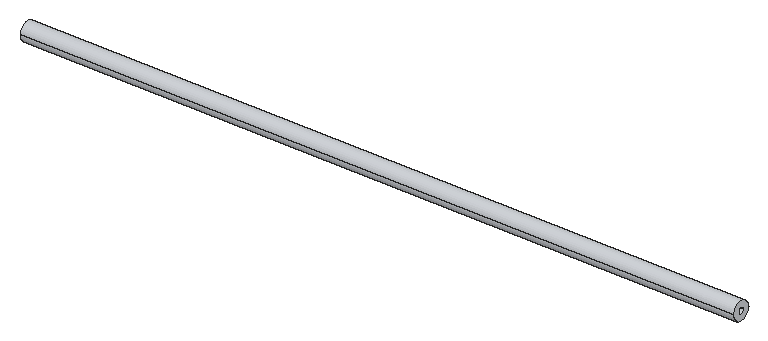
Revit family "HIGHLIGHT NEON 360_NDFR25", category Luminarias, Revit 2019
Family settings
  Cota de conector redondo = Diámetro de uso
  Tipo de pieza = Normal
  Se basa en plano de trabajo = Sí
  Siempre vertical = No
  Corte con vacíos al cargar = No
  Origen de luz = Sí
  Compartido = No
  Punto de cálculo de habitación = No
Parameters (values of type "NEON 360_NDFR25.N.1")
  Zone [instance] = ""
  Watt per fixture [instance] = (Longitud / 1000 mm) * (16)  # 16
  Wattage = 16 W
  built-in parameter 1150107 = 4000 (stored number, unit not read)
  Light Source Symbol Size = 609.6 mm
  built-in parameter 1150110 = 1 (stored number, unit not read)
  built-in parameter 1150109 = 1 (stored number, unit not read)
  built-in parameter 1150112 = 1 (stored number, unit not read)
  built-in parameter 1150113 = 1 (stored number, unit not read)
  built-in parameter 1114218 = 1 (stored number, unit not read)
  built-in parameter 1150137 = (empty or 0)
  built-in parameter 1150132 = (empty or 0)
  Modelo Lampara = "2835 SMD"
  Modelo = "NDFR25.N.1"
  Marca = "BRILLANT"
  Longitud de línea de emisión = 600 mm
  Longitud [instance] = 1000 mm
  built-in parameter 1150105 = 84.034 (stored number, unit not read)
  built-in parameter 1150102 = (empty or 0)
  built-in parameter 1150106 = 0.84034 (stored number, unit not read)
  Lumens = 1056 lm
  Color Filter = 16777215
  built-in parameter 1114217 = 1 (stored number, unit not read)
  built-in parameter 1150139 = (empty or 0)
  Fabricante = "BRILLANT"
  Default Elevation = 0 mm
  built-in parameter 1150104 = 6.1316 (stored number, unit not read)
  Descripción = "MANGUERA LUMINOSA NEON 360 CON RECUBRIMIENTO DE PLASTICO FLEXIBLE CON UNA POTENCIA DE 16W/M, USO PARA EXTERIORES IP65, IRC 80, IK 08, TEMPERATURA EN BLANCO FRIO 4000K, 950 LUMENES/M, PRESENTACION DE 5M, CORTE 4.16CM, ALIMENTADO A 24V, REQUIERE ACCESORIOS."
  built-in parameter 1150115 = 1 (stored number, unit not read)
  built-in parameter 1150114 = 1 (stored number, unit not read)
  Costo USD_NDFX35 [instance] = (Longitud / 1000 mm) * (89)  # 89
  Comentarios de vataje = "24V"
  built-in parameter 1150138 = (empty or 0)
  built-in parameter 1150134 = 12
  Circuit [instance] = ""
  Dimming Lamp Color Temperature Shift = (empty or 0)
  built-in parameter 1150133 = 10 (stored number, unit not read)
Types (3, lengths in mm): name | built-in parameter 1150107 | Modelo | built-in parameter 1150105 | built-in parameter 1150106 | Lumens | built-in parameter 1150104 | Descripción | built-in parameter 1150134
  NEON 360_NDFR25.U.1 | 2700 (stored number, unit not read) | "NDFR25.U.1" | 78.941 (stored number, unit not read) | 0.78941 (stored number, unit not read) | 992 lm | 5.76 (stored number, unit not read) | "MANGUERA LUMINOSA NEON 360 CON RECUBRIMIENTO DE PLASTICO FLEXIBLE CON UNA POTENCIA DE 16W/M, USO PARA EXTERIORES IP65, IRC 80, IK 08, TEMPERATURA EN BLANCO ULTRA CALIDO 2700K, 900 LUMENES/M, PRESENTACION DE 5M, CORTE 4.16CM, ALIMENTADO A 24V, REQUIERE ACCESORIOS." | (empty or 0)
  NEON 360_NDFR25.W.1 | 3000 (stored number, unit not read) | "NDFR25.W.1" | 84.034 (stored number, unit not read) | 0.84034 (stored number, unit not read) | 1056 lm | 6.1316 (stored number, unit not read) | "MANGUERA LUMINOSA NEON 360 CON RECUBRIMIENTO DE PLASTICO FLEXIBLE CON UNA POTENCIA DE 16W/M, USO PARA EXTERIORES IP65, IRC 80, IK 08, TEMPERATURA EN BLANCO CALIDO 3000K, 950 LUMENES/M, PRESENTACION DE 5M, CORTE 4.16CM, ALIMENTADO A 24V, REQUIERE ACCESORIOS." | (empty or 0)
  NEON 360_NDFR25.N.1 | 4000 (stored number, unit not read) | "NDFR25.N.1" | 84.034 (stored number, unit not read) | 0.84034 (stored number, unit not read) | 1056 lm | 6.1316 (stored number, unit not read) | "MANGUERA LUMINOSA NEON 360 CON RECUBRIMIENTO DE PLASTICO FLEXIBLE CON UNA POTENCIA DE 16W/M, USO PARA EXTERIORES IP65, IRC 80, IK 08, TEMPERATURA EN BLANCO FRIO 4000K, 950 LUMENES/M, PRESENTACION DE 5M, CORTE 4.16CM, ALIMENTADO A 24V, REQUIERE ACCESORIOS." | 12
Reference planes
  plane 1 "Centro (Frontal/Posterior)": y = 0
  plane 2: z = 0
  plane 3 "Centro (Izquierda/Derecha)": x = 0
  plane 4 "IZQ": x = -1000
  plane 5: x = 0
Forms (mm)
  Extrusion 1, solid
    sketch origin (0, 0, 0) x (0, 1, 0) y (0, 0, 1)
      loop
        circle (0, 0) r 12.5
      loop
        circle (0, 0) r 5
    from -1000 to 0
Dimensions and locks
  "Longitud": plane 4 "IZQ" to plane 3 "Centro (Izquierda/Derecha)"
  aligned and locked: level to plane 2
  aligned and locked: plane 4 "IZQ" to Extrusion 1
  aligned and locked: plane 3 "Centro (Izquierda/Derecha)" to Extrusion 1
Automatic sketch dimensions
  Extrusion 1 sketch curve to Extrusion 1 sketch curve = 0 mm  (x2)
  Extrusion 1 sketch curve to level = 0 mm
  Extrusion 1 sketch curve to plane 1 "Centro (Frontal/Posterior)" = 0 mm
  radius of Extrusion 1 sketch curve = 12.5 mm
  radius of Extrusion 1 sketch curve = 5 mm
Connectors
  electrical at (0, 0, 0)
    settings: on Extrusion 1, index 1, voltage 24 V, apparent load 0 VA, apparent load phase1 0 VA, apparent load phase2 0 VA, apparent load phase3 0 VA, power factor 1, load classification "Otro", number of poles 1, system type 31, power factor state 1, is connector primary yes, connector utility no, sub classification motor no, connector description ""
